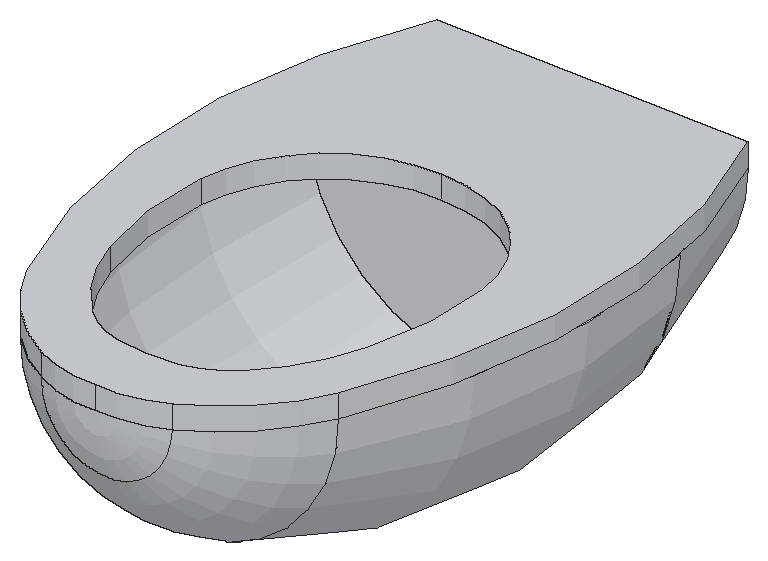
Revit family
Parameters (values of type "540 x 370mm")
  Material = none
  Manufacturer = "Revit"
  Assembly Code = ""
Reference planes
  plane 1 "Center (Front/Back)": y = 0
  plane 2: z = 0
  plane 3 "Center (Left/Right)": x = 0
  plane 4: y = -244.9
Forms (mm)
  Extrusion 1, solid, material <- "Material"
    sketch origin (0, 0, 307.334) x (1, 0, 0) y (0, 1, 0)
      loop
        arc (-135.826, 0) -> (-184.788, -222.698) -> (-135.826, -445.395) r 530.936
        arc (-135.826, -445.395) -> (-103.297, -493.309) -> (-57.095, -528.225) r 177.786
        arc (-57.095, -528.225) -> (-29.379, -538.163) -> (0, -540.097) r 106.04
        arc (0, -540.097) -> (29.379, -538.163) -> (57.095, -528.225) r 106.04
        arc (57.095, -528.225) -> (103.297, -493.309) -> (135.826, -445.395) r 177.786
        arc (135.826, -445.395) -> (184.788, -222.698) -> (135.826, 0) r 530.936
        line (135.826, 0) -> (-135.826, 0)
      loop
        arc (0, -164.943) -> (-82.812, -194.682) -> (-122.895, -273.012) r 119.653
        arc (-122.895, -273.012) -> (-122.872, -329.692) -> (-111.937, -385.307) r 293.01
        arc (-111.937, -385.307) -> (-93.963, -426.143) -> (-66.545, -461.341) r 180.962
        arc (-66.545, -461.341) -> (-48.002, -474.979) -> (-26.24, -482.474) r 76.384
        arc (-26.24, -482.474) -> (-13.17, -484.4) -> (0, -485.431) r 193.749
        arc (0, -485.431) -> (13.17, -484.4) -> (26.24, -482.474) r 193.749
        arc (26.24, -482.474) -> (48.002, -474.979) -> (66.545, -461.341) r 76.384
        arc (66.545, -461.341) -> (93.963, -426.143) -> (111.937, -385.307) r 180.962
        arc (111.937, -385.307) -> (122.872, -329.692) -> (122.895, -273.012) r 293.01
        arc (122.895, -273.012) -> (82.812, -194.682) -> (0, -164.943) r 119.653
    from -20 to 0
  Blend 2, solid, material <- "Material"
    base sketch origin (0, -124.9, 287.334) x (0, 0, -1) y (-1, 0, 0)
      loop
        line (0, 175) -> (0, -175)
        arc (0, -175) -> (175, 0) -> (0, 175) r 175
    top sketch origin (0, -124.9, 287.334) x (0, 0, -1) y (-1, 0, 0)
      loop
        line (0, 134.95) -> (0, -135.05)
        arc (0, -135.05) -> (135, -0.05) -> (0, 134.95) r 135
    from 0 to 124.9
  Revolve 3, solid, material <- "Material"
    sketch origin (0, 0, 287.334) x (1, 0, 0) y (0, 1, 0)
      loop
        arc (-175.703, -124.9) -> (-180.725, -288.254) -> (-135.826, -445.395) r 530.936
        arc (-135.826, -445.395) -> (-103.297, -493.309) -> (-57.095, -528.225) r 177.786
        arc (-57.095, -528.225) -> (-29.379, -538.163) -> (0, -540.097) r 106.04
        line (0, -540.097) -> (0, -515.459)
        arc (0, -515.459) -> (-23.494, -514.305) -> (-45.68, -506.489) r 81.488
        arc (-45.68, -506.489) -> (-85.502, -476.394) -> (-113.538, -435.097) r 153.234
        arc (-113.538, -435.097) -> (-156.641, -282.937) -> (-150.703, -124.9) r 506.385
        line (-150.703, -124.9) -> (-175.703, -124.9)
      axis (0, -540.097) -> (0, -124.9)
    angle from 0 to 180
Lines and regions (mm)
  symbolic lines
    curve 1: arc (-135.826, 0, 0) -> (-184.788, -222.698, 0) -> (-135.826, -445.395, 0) r 530.936
    curve 2: arc (-135.826, -445.395, 0) -> (-103.297, -493.309, 0) -> (-57.095, -528.225, 0) r 177.786
    curve 3: arc (-57.095, -528.225, 0) -> (-29.379, -538.163, 0) -> (0, -540.097, 0) r 106.04
    curve 4: arc (0, -540.097, 0) -> (29.379, -538.163, 0) -> (57.095, -528.225, 0) r 106.04
    curve 5: arc (57.095, -528.225, 0) -> (103.297, -493.309, 0) -> (135.826, -445.395, 0) r 177.786
    curve 6: arc (135.826, -445.395, 0) -> (184.788, -222.698, 0) -> (135.826, 0, 0) r 530.936
    curve 7: line (135.826, 0, 0) -> (-135.826, 0, 0)
    curve 12: arc (0, -164.943, 0) -> (82.812, -194.682, 0) -> (122.895, -273.012, 0) r 119.653
    curve 13: arc (122.895, -273.012, 0) -> (122.872, -329.692, 0) -> (111.937, -385.307, 0) r 293.01
    curve 14: arc (111.937, -385.307, 0) -> (93.963, -426.143, 0) -> (66.545, -461.341, 0) r 180.962
    curve 15: arc (66.545, -461.341, 0) -> (48.002, -474.979, 0) -> (26.24, -482.474, 0) r 76.384
    curve 16: arc (26.24, -482.474, 0) -> (13.17, -484.4, 0) -> (0, -485.431, 0) r 193.749
    curve 17: arc (0, -485.431, 0) -> (-13.17, -484.4, 0) -> (-26.24, -482.474, 0) r 193.749
    curve 18: arc (-26.24, -482.474, 0) -> (-48.002, -474.979, 0) -> (-66.545, -461.341, 0) r 76.384
    curve 19: arc (-66.545, -461.341, 0) -> (-93.963, -426.143, 0) -> (-111.937, -385.307, 0) r 180.962
    curve 20: arc (-111.937, -385.307, 0) -> (-122.872, -329.692, 0) -> (-122.895, -273.012, 0) r 293.01
    curve 21: arc (-122.895, -273.012, 0) -> (-82.812, -194.682, 0) -> (0, -164.943, 0) r 119.653
  symbolic lines, detail levels medium+fine
    curve 8: arc (-63.827, -101.182, 0) -> (-71.563, -93.447, 0) -> (-79.298, -101.182, 0) r 7.735
    curve 9: arc (-79.298, -101.182, 0) -> (-71.563, -108.918, 0) -> (-63.827, -101.182, 0) r 7.735
    curve 10: arc (84.558, -101.182, 0) -> (76.822, -93.447, 0) -> (69.087, -101.182, 0) r 7.735
    curve 11: arc (69.087, -101.182, 0) -> (76.822, -108.918, 0) -> (84.558, -101.182, 0) r 7.735
    curve 22: arc (57.356, -315.041, 0) -> (0.005, -353.338, 0) -> (-57.346, -315.041, 0) r 62.091
    curve 23: arc (-57.346, -315.041, 0) -> (-60.2, -305.649, 0) -> (-61.163, -295.881, 0) r 50
    curve 24: line (-61.163, -295.881, 0) -> (-61.163, -275.357, 0)
    curve 25: arc (-61.163, -275.357, 0) -> (-55.305, -261.214, 0) -> (-41.163, -255.357, 0) r 20
    curve 26: line (-41.163, -255.357, 0) -> (41.173, -255.357, 0)
    curve 27: arc (41.173, -255.357, 0) -> (55.315, -261.214, 0) -> (61.173, -275.357, 0) r 20
    curve 28: line (61.173, -275.357, 0) -> (61.173, -295.881, 0)
    curve 29: arc (61.173, -295.881, 0) -> (60.21, -305.649, 0) -> (57.356, -315.041, 0) r 50
